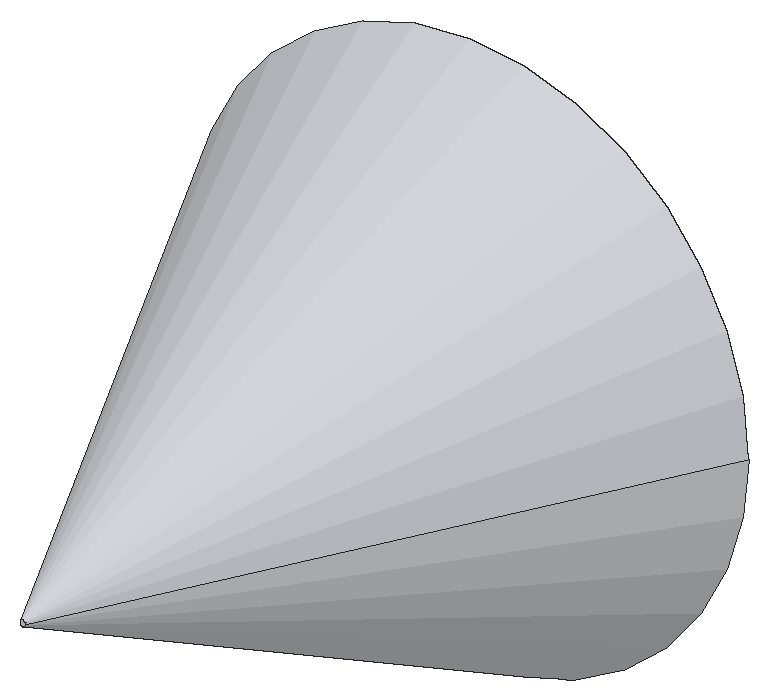
Revit family "コネクタイン", category 一般モデル, Revit 2021
Family settings
  鉄筋をホスト可能 = いいえ
  丸型コネクタ寸法 = 直径を使用
  パーツ タイプ = 標準
  作業面ベース = いいえ
  常に垂直 = はい
  ロード時にボイドで切り取り = いいえ
  共有 = いいえ
  部屋計算ポイント = いいえ
Parameters
  直径2 = 1 mm
  直径 [instance] = 100 mm
  既定の高さ = 0 mm
Reference planes
  plane 1 "中心(正面/背面)": y = 0
  plane 2: z = 0
  plane 3 "中心(左/右)": x = 0
Forms (mm)
  Blend 1, solid
    base sketch origin (0, -30, 0) x (1, 0, 0) y (0, 0, 1)
      loop
        circle (0, 0) r 50
    top sketch origin (0, 0, 0) x (1, 0, 0) y (0, 0, 1)
      loop
        circle (0, 0) r 0.5
    from -130 to 0
Dimensions and locks
  "直径": diameter of Blend 1 sketch curve
  "直径2": diameter of Blend 1 sketch curve
  aligned and locked: level to plane 2
  aligned and locked: plane 1 "中心(正面/背面)" to Blend 1
Automatic sketch dimensions
  Blend 1 sketch curve to level = 0 mm  (x2)
  Blend 1 sketch curve to plane 3 "中心(左/右)" = 0 mm  (x2)
